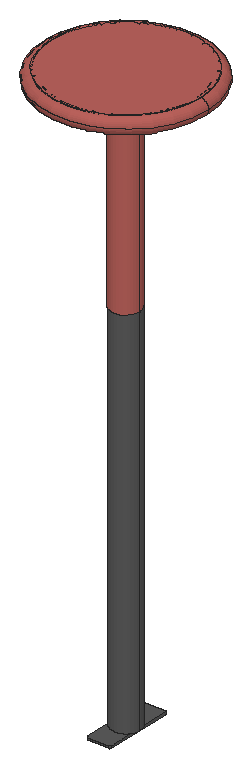
Revit family "product code 61407-F", category Meble, Revit 2021
Family settings
  Numer OmniClass = 23.40.20.00
  Tytuł OmniClass = General Furniture and Specialties
  Oparty na płaszczyźnie roboczej = Nie
  Zawsze pionowo = Tak
  Tnij formami wycięć po wczytaniu = Nie
  Współdzielony = Nie
  Punkt obliczania pomieszczeń = Nie
Parameters (values of type "Sydhavn")
  metal = Kobenhagen RAL 3000
  Width = "35 cm"
  Weight = "10 kg"
  URL = "https://kobenhagen.com/en_US/p/Sydhavn-Stool-45-cm/238"
  Product Line = "Sydhavn"
  Product Groups = "Stools"
  Producent = "Lars Laj"
  Keynote = ""
  Opis = "Sydhavn Stool 45 cm"
  Model = "61407-F"
  Material = "Powder coated steel"
  Maintenance = "We recommend to examine and tighten all screws and bolt clamps after a few weeks’ use. In order to prevent cracks and to extend the life of the wood, it is recommended that the wood details should be oiled every 3-5 years."
  Lenght = "35 cm"
  Type Comments = ""
  Kobenhagen Materials = "larslaj.com/bim"
  Hosted on larslaj.com = "https://larslaj.com/bim"
  Height = "45 cm"
  Domyślna rzędna = 0 mm
  Copyright = "All designs and drawings are the intellectual property of Lars Laj A/S and are protected by Danish and international copyright laws."
Reference planes
  plane 1: z = 0
  plane 2 "Środek (Lewa/Prawa)": x = 0
  plane 3 "Góra": z = 1062.347
  plane 4 "Środek": y = 257.204
Forms (mm)
  Extrusion 1, solid, material "Kobenhagen RAL 3000" <- "metal", not visible
    sketch origin (0, 0, 0) x (0, 1, 0) y (0, 0, 1)
      loop
        arc (71.187, 451.5) -> (57.045, 445.642) -> (51.187, 431.5) r 20
        line (51.187, 431.5) -> (51.187, 18.231)
        arc (51.187, 18.231) -> (56.527, 5.34) -> (69.418, 0) r 18.231
        line (69.418, 0) -> (153.638, 0) -> (153.638, 15) -> (448.638, 15) -> (448.638, 0) -> (527.023, 0)
        arc (527.023, 0) -> (542.307, 6.331) -> (548.638, 21.615) r 21.615
        line (548.638, 21.615) -> (548.638, 429.407)
        arc (548.638, 429.407) -> (542.168, 445.029) -> (526.545, 451.5) r 22.093
        line (526.545, 451.5) -> (71.187, 451.5)
    from 750.378 to 745
  Extrusion 2, solid, material "Kobenhagen RAL 3000" <- "metal", not visible
    sketch origin (0, 0, 0) x (0, 1, 0) y (0, 0, 1)
      loop
        line (548.638, 396.844) -> (629.375, 854.725) -> (601.836, 859.581)
        arc (601.836, 859.581) -> (585.224, 855.898) -> (576.082, 841.547) r 22.232
        line (576.082, 841.547) -> (507.306, 451.5) -> (526.545, 451.5)
        arc (526.545, 451.5) -> (542.168, 445.029) -> (548.638, 429.407) r 22.093
        line (548.638, 429.407) -> (548.638, 396.844)
    from 745 to 750.378
  Extrusion 3, solid, material "Kobenhagen RAL 3000" <- "metal"
    sketch origin (396.607, -18.452, 868.765) x (0, -1, 0) y (1, 0, 0)
      loop
        circle (-275.327, -399.004) r 30.15
      loop
        circle (-275.327, -399.004) r 28.15
    from -452.515 to -868.765
  Extrusion 4, solid, material "Painted Black"
    sketch origin (695.879, -21.874, 0) x (1, 0, 0) y (0, 1, 0)
      loop
        line (-722.97, 354.396) -> (-722.97, 210.396)
        arc (-722.97, 210.396) -> (-722.091, 208.274) -> (-719.97, 207.396) r 3
        line (-719.97, 207.396) -> (-675.97, 207.396)
        arc (-675.97, 207.396) -> (-673.849, 208.274) -> (-672.97, 210.396) r 3
        line (-672.97, 210.396) -> (-672.97, 354.396)
        arc (-672.97, 354.396) -> (-673.849, 356.517) -> (-675.97, 357.396) r 3
        line (-675.97, 357.396) -> (-719.97, 357.396)
        arc (-719.97, 357.396) -> (-722.091, 356.517) -> (-722.97, 354.396) r 3
    from -800 to -795
  Extrusion 5, solid, material "Painted Black"
    sketch origin (396.607, -17.202, 868.765) x (1, 0, 0) y (0, 1, 0)
      loop
        circle (-399.004, 275.327) r 30.15
      loop
        circle (-399.004, 275.327) r 28.15
    from -868.765 to -1663.765
  Extrusion 6, solid, material "Kobenhagen RAL 3000" <- "metal"
    sketch origin (581.466, 257.204, -0.938) x (-1, 0, 0) y (0, 0, 1)
      loop
        line (608.966, 447.188) -> (558.966, 447.188) -> (558.966, 417.188) -> (608.966, 417.188) -> (608.966, 447.188)
      loop
        line (606.966, 445.188) -> (560.966, 445.188) -> (560.966, 419.188) -> (606.966, 419.188) -> (606.966, 445.188)
    from -140.803 to 141.797
  Extrusion 7, solid, material "Kobenhagen RAL 5012", not visible
    sketch origin (-110.268, -19.702, 0) x (0, -1, 0) y (1, 0, 0)
      loop
        circle (-275.327, -399.004) r 30.15
      loop
        circle (-275.327, -399.004) r 28.15
    from 444.1 to 0
  Extrusion 8, solid, material "Kobenhagen RAL 5012", not visible
    sketch origin (239.004, -16.847, 0) x (1, 0, 0) y (0, 1, 0)
      loop
        line (-699.004, 325.327) -> (-799.004, 325.327) -> (-799.004, 225.327) -> (-699.004, 225.327) -> (-699.004, 325.327)
    from 447.05 to 443.488
  Extrusion 9, solid, material "Painted Black", not visible
    sketch origin (189.004, -23.124, 0) x (1, 0, 0) y (0, 1, 0)
      loop
        line (-722.97, 354.396) -> (-722.97, 210.396)
        arc (-722.97, 210.396) -> (-722.091, 208.274) -> (-719.97, 207.396) r 3
        line (-719.97, 207.396) -> (-675.97, 207.396)
        arc (-675.97, 207.396) -> (-673.849, 208.274) -> (-672.97, 210.396) r 3
        line (-672.97, 210.396) -> (-672.97, 354.396)
        arc (-672.97, 354.396) -> (-673.849, 356.517) -> (-675.97, 357.396) r 3
        line (-675.97, 357.396) -> (-719.97, 357.396)
        arc (-719.97, 357.396) -> (-722.091, 356.517) -> (-722.97, 354.396) r 3
    from -800 to -795
  Extrusion 10, solid, material "Painted Black", not visible
    sketch origin (-110.268, -18.452, 0) x (1, 0, 0) y (0, 1, 0)
      loop
        circle (-399.004, 275.327) r 30.15
      loop
        circle (-399.004, 275.327) r 28.15
    from 0 to -795
  Extrusion 11, solid, material "Kobenhagen RAL 3000" <- "metal"
    sketch origin (-5.756, 840.413, -0.938) x (0, -1, 0) y (0, 0, 1)
      loop
        line (608.966, 447.188) -> (558.966, 447.188) -> (558.966, 417.188) -> (608.966, 417.188) -> (608.966, 447.188)
      loop
        line (606.966, 445.188) -> (560.966, 445.188) -> (560.966, 419.188) -> (606.966, 419.188) -> (606.966, 445.188)
    from 21.334 to 137.577
  Extrusion 12, solid, material "Kobenhagen RAL 3000" <- "metal"
    sketch origin (5.756, 841.663, -0.938) x (0, -1, 0) y (0, 0, -1)
      loop
        line (608.966, -447.188) -> (608.966, -417.188) -> (558.966, -417.188) -> (558.966, -447.188) -> (608.966, -447.188)
      loop
        line (606.966, -445.188) -> (606.966, -419.188) -> (560.966, -419.188) -> (560.966, -445.188) -> (606.966, -445.188)
    from 14.744 to 133.51
  Extrusion 13, solid, material "Kobenhagen RAL 3000" <- "metal"
    sketch origin (0, 0, -200) x (1, 0, 0) y (0, 1, 0)
      loop
        circle (-2.033, 257.7) r 158.15
    from 647 to 650
  Sweep 14, solid, material "Kobenhagen RAL 3000" <- "metal"
    path origin (0, 0, 0) x (1, 0, 0) y (0, 1, 0)
      loop
        circle (-2.033, 257.7) r 158.15
    profile origin (-2.033, 99.55, 0) x (0, 1, 0) y (0, 0, 1)
      loop
        circle (0, 433.096) r 16.868
      loop
        circle (0.117, 433.18) r 15.694
Dimensions and locks
  aligned and locked: level to plane 1
